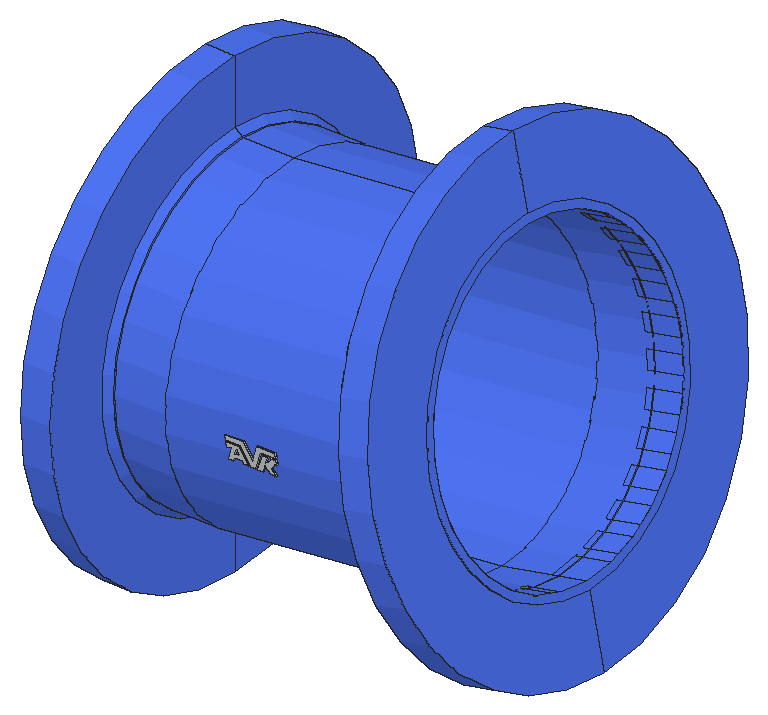
Revit family "712-0120-001-DN300", category Pipe Fittings, Revit 2019
Family settings
  Round Connector Dimension = Use Diameter
  Part Type = Elbow
  Work Plane-Based = No
  Always vertical = Yes
  Cut with Voids When Loaded = No
  Shared = No
Parameters (values of type "DN300_PN10/16")
  Rf_Dia = 185 mm
  RF_Thick = 4 mm
  L_Ref = 130 mm
  L = 175 mm  # constant formula
  ID(Radius) = [Nominal Diameter(DN)] / 2  # 150 mm
  Flange_thickness = 29 mm  # constant formula
  Nominal Diameter(DN) = 300 mm
  FOD = 227.5 mm
  URL product pages = "https://www.avkvalves.com/P.aspx?no=712030001200"
  Description_ = "AVK FLANGED BEND 11.25° W/LOOSE FLANGES"
  DN300_PN16 = "712-0300-01-201"
  DN300_PN10/16 = yes
  DN300_PN10 = "712-0300-01-200"
  Body_wallthickness = 15 mm + [Nominal Diameter(DN)]  # 315 mm
  A = 11.25°  # constant formula
Reference planes
  plane 1 "Center (Front/Back)": y = 0
  plane 2: z = 0
  plane 3 "Center (Left/Right)": x = 0
  plane 4: x = 175
  plane 5: through (172.347, -1524, 13.337) normal (0.9808, 0, 0.1951)
  plane 6: through (343.984, -1524, 47.478) normal (0.9808, 0, 0.1951)
  plane 7: through (175, -1524, 0) normal (-0.1951, 0, 0.9808)
  plane 8: z = -177.333
  plane 9: x = 51.333
Forms (mm)
  Sweep 1, solid, material "Plastic"
    path origin (0, 0, 0) x (1, 0, 0) y (0, 0, -1)
      loop
        line (0, 0) -> (86.358, 0)
        arc (86.358, 0) -> (174.573, -4.334) -> (261.939, -17.293) r 900
        line (261.939, -17.293) -> (346.637, -34.141)
    profile origin (43.179, 0, 0) x (0, 0, 1) y (0, -1, 0)
      loop
        circle (0, 0) r 150
      loop
        circle (0, 0) r 157.5
  Revolve 2, solid, material "Plastic"
    sketch origin (0, 0, 0) x (1, 0, 0) y (0, 0, -1)
      loop
        line (0, 150) -> (29, 150) -> (29, 227.5) -> (0, 227.5) -> (0, 150)
      axis (0, 0) -> (29, 0)
    angle from 0 to 360
  Revolve 3, solid, material "Plastic"
    sketch origin (0, 0, 0) x (1, 0, 0) y (0, 0, -1)
      loop
        line (375.901, 112.977) -> (391.02, 188.988) -> (362.578, 194.645) -> (347.458, 118.635) -> (375.901, 112.977)
      axis (318.195, -28.483) -> (346.637, -34.141)
    angle from 0 to 360
  Extrusion 4, solid, material "Plastic"
    sketch origin (0, 0, 0) x (1, 0, 0) y (0, 0, 1)
      loop
        line (29, -150) -> (29, -185) -> (51.333, -185)
        arc (51.333, -185) -> (56.754, -182.754) -> (59, -177.333) r 7.667
        line (59, -177.333) -> (59, -150) -> (29, -150)
      loop
        circle (44.088, -169.672) r 7.021
    from -5.432 to 5.432
  Revolve 5, solid, material "Plastic"
    sketch origin (0, 0, 0) x (1, 0, 0) y (0, 0, 1)
      loop
        line (29, 150) -> (36.071, 150) -> (36.071, 157.929) -> (29, 165) -> (29, 150)
      axis (29, 0) -> (36.071, 0)
    angle from 0 to 360
  Revolve 6, solid, material "Plastic"
    sketch origin (0, 0, 0) x (1, 0, 0) y (0, 0, 1)
      loop
        line (288.931, 175.601) -> (286.005, 190.313) -> (281.005, 181.653) -> (282.464, 174.315) -> (288.931, 175.601)
      axis (311.728, 27.197) -> (318.195, 28.483)
    angle from 0 to 360
Dimensions and locks
  "L": plane 4 to plane 3 "Center (Left/Right)"
  "L": plane 5 to Sweep 1
  "Flange_thickness": Revolve 2 sketch curve to plane 3 "Center (Left/Right)"
  "ID(Radius)": Revolve 3 sketch curve to plane 7
  "FOD": Revolve 3 sketch curve to plane 7
  "Flange_thickness": Revolve 3 sketch curve to Revolve 3 sketch curve
  locked: Extrusion 4 sketch curve to Revolve 2 at 59
  locked: level to Extrusion 4 sketch curve at 150
  locked: level to Extrusion 4 sketch curve at 185
  equal spacing: Extrusion 4, plane 1 "Center (Front/Back)", Extrusion 4
  locked: Extrusion 4 to Extrusion 4 at 10.865
  locked: Revolve 5 sketch curve to Revolve 2 at 7.071
  locked: Revolve 5 sketch curve to level at 165
  locked: Revolve 5 sketch curve to level at 157.929
  locked: Revolve 5 sketch curve to level at 150
  locked: Revolve 3 to Revolve 6 sketch curve at 6.593
  locked: plane 7 to Revolve 6 sketch curve at 150
  locked: plane 7 to Revolve 6 sketch curve at 165
  locked: plane 7 to Revolve 6 sketch curve at 157.482
  "ID(Radius)": radius of Sweep 1 sketch curve
  "Body_wallthickness": diameter of Sweep 1 sketch curve
  "A": angle plane 4 to plane 5
  aligned and locked: level to plane 2
  aligned and locked: Sweep 1 sketch curve to plane 3 "Center (Left/Right)"
  aligned and locked: plane 6 to Sweep 1 sketch curve
  aligned and locked: Revolve 2 sketch curve to Sweep 1
  aligned and locked: plane 7 to Revolve 3 sketch curve
  aligned and locked: Revolve 2 to Extrusion 4 sketch curve
  aligned and locked: plane 8 to Extrusion 4 sketch curve
  aligned and locked: plane 9 to Extrusion 4 sketch curve
  aligned and locked: Revolve 2 to Revolve 5 sketch curve
  aligned and locked: Revolve 5 sketch curve to plane 2
  aligned and locked: Revolve 3 to Revolve 6 sketch curve
  aligned and locked: plane 7 to Revolve 6 sketch curve
Automatic sketch dimensions
  Sweep 1 sketch curve to plane 7 = 0 mm  (x2)
  Sweep 1 sketch curve to plane 3 "Center (Left/Right)" = 86.358 mm
  Sweep 1 sketch curve to Sweep 1 sketch curve = 84.698 mm
  Sweep 1 sketch curve to Sweep 1 sketch curve = 882.707 mm
  Extrusion 4 sketch curve to Extrusion 4 sketch curve = 7.245 mm
  Extrusion 4 sketch curve to Extrusion 4 sketch curve = 7.661 mm
  Sweep 1 sketch curve to Sweep 1 sketch curve = 0 mm  (x2)
  Sweep 1 sketch curve to plane 1 "Center (Front/Back)" = 0 mm
  profile plane to Sweep 1 sketch curve = 0 mm
  Revolve 2 sketch curve to level = 0 mm
  level to Revolve 2 sketch curve = 150 mm
  Revolve 2 sketch curve to Revolve 2 sketch curve = 77.5 mm
  plane 3 "Center (Left/Right)" to Revolve 2 sketch curve = 15 mm
  Revolve 2 sketch curve to plane 3 "Center (Left/Right)" = 29 mm
  Revolve 3 sketch curve to plane 6 = 0 mm
  plane 6 to Revolve 3 sketch curve = 0 mm
  Revolve 3 sketch curve to level = 26.532 mm
  plane 3 "Center (Left/Right)" to Revolve 5 sketch curve = 19 mm
  Revolve 5 sketch curve to Revolve 5 sketch curve = 40 mm
  level to Revolve 6 sketch curve = 25.246 mm
  level to Revolve 6 sketch curve = 31.099 mm
  radius of Extrusion 4 sketch curve = 7.021 mm
Nested families
  nested 1: "LOGO L" at (173.404, -154.503, -26.498) x (0.9998, 0.018, 0.0027) z (0.0182, -0.981, -0.1933), type "LOGO L"
Connectors
  piping at (346.637, 0, 34.141), diameter 300, driven by "Nominal Diameter(DN)"
    settings: on Revolve 3, index 1, connector inside diameter 609.6 mm, connector length 0 mm, flow factor 0, pipe flow 0.0 L/s, pressure drop 0.0 Pa, fitting loss kfactor 0, connector angle 0.00°, fixture units 0, engagement length 0 mm, angle of deflection 0.00°, flow configuration 0, flow direction 0, fitting loss method 0, system type 7, joint type 0, gender type 0, connector reference index -1, connector utility 0, adjustable connector no, is connector primary yes, connector description ""
  piping at (0, 0, 0), diameter 300, driven by "Nominal Diameter(DN)"
    settings: on Revolve 2, index 2, connector inside diameter 609.6 mm, connector length 0 mm, flow factor 0, pipe flow 0.0 L/s, pressure drop 0.0 Pa, fitting loss kfactor 0, connector angle 0.00°, fixture units 0, engagement length 0 mm, angle of deflection 0.00°, flow configuration 0, flow direction 0, fitting loss method 0, system type 19, joint type 0, gender type 0, connector reference index -1, connector utility 0, adjustable connector no, is connector primary no, connector description ""
Definition of nested family "LOGO L"
  Parameters (values of type "LOGO L")
    Default Elevation = 1219.2 mm
  Reference planes
    plane 1 "Center (Front/Back)": y = 0
    plane 2: z = 0
    plane 3 "Center (Left/Right)": x = 0
  Forms (mm)
    Extrusion 1, solid
      sketch origin (0, 0, 0) x (1, 0, 0) y (0, 1, 0)
        loop
          line (-1219.2, 1219.2) -> (-1219.2, -1219.2) -> (1219.2, -1219.2) -> (1219.2, 1219.2) -> (-1219.2, 1219.2)
      from 0 to -304.8
    Extrusion 2, solid
      sketch origin (0, 0, 0) x (1, 0, 0) y (0, 1, 0)
        loop
          line (-6.514, 34.224) -> (-24, 34.224) -> (-24, 29.481) -> (-9.766, 29.481) -> (-2.391, 11.367) -> (2.391, 11.367) -> (9.766, 29.481) -> (24, 29.481) -> (24, 34.224) -> (6.514, 34.224) -> (0, 18.224) -> (-6.514, 34.224)
        loop
          line (-10.996, 27.653) -> (-24, 27.653) -> (-24, 23.081) -> (-19.503, 23.081) -> (-24, 11.367) -> (-18.92, 11.367) -> (-17.955, 13.881) -> (-10.51, 13.881) -> (-9.486, 11.367) -> (-4.365, 11.367) -> (-10.996, 27.653)
        loop
          line (-16.777, 18.224) -> (-12.278, 18.224) -> (-14.594, 23.912) -> (-16.777, 18.224)
        loop
          line (4.365, 11.367) -> (9.486, 11.367) -> (12.093, 17.77) -> (16.918, 11.367) -> (22.857, 11.367) -> (17.399, 18.61)
          arc (17.399, 18.61) -> (20.583, 20.18) -> (22.629, 23.081) r 7.2
          line (22.629, 23.081) -> (24, 23.081) -> (24, 27.653) -> (19.429, 27.653)
          arc (19.429, 27.653) -> (17.763, 23.526) -> (13.699, 21.714) r 5.943
          line (13.699, 21.714) -> (16.117, 27.653) -> (10.996, 27.653) -> (4.365, 11.367)
      from 0 to 1
  Dimensions and locks
    aligned and locked: plane 2 to Extrusion 1
    aligned and locked: level to Extrusion 1
    aligned and locked: Extrusion 2 sketch curve to import instance
